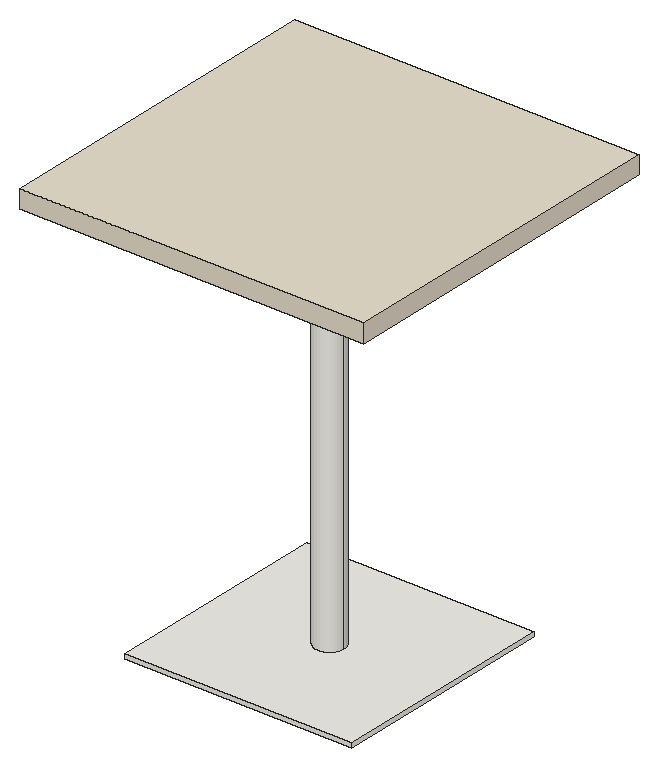
Revit family "FU_Table_Sandler_598T-MT", category Furniture, Revit 2020
Family settings
  OmniClass Number = 23.40.20.00
  OmniClass Title = General Furniture and Specialties
  Work Plane-Based = No
  Always vertical = Yes
  Cut with Voids When Loaded = No
  Shared = No
  Room Calculation Point = No
Parameters (values of type "598T MT - 24" Square Top (60cm)")
  Width = 397 mm
  URL = "https://www.sandlerseating.com/product/598t-mt/"
  Top Type = FU_TableTops_MT Sqr : 24" Square (60cm)
  Top Elevation = Height  # 720 mm
  Top Finish [instance] = Wood - Beech - Grey Stained
  Model = "598T MT"
  Manufacturer = "Sandler"
  Height = 720 mm
  Frame Finish [instance] = Metal - Paint -AL VR - Pure White
  Description = "Table base. Available in powdercoat painted finishes.\r\nOptional upcharge for outdoor version with galvanized-treated frame and adjustable feet."
  Depth = Width  # 397 mm
  Default Elevation = 0 mm
Types (5, lengths in mm): name | Top Type | Top Finish | Frame Finish
  (no name) | FU_TableTops_MT Sqr : 24" Square (60cm) | Wood - Beech - Grey Stained | Metal - Paint -AL VR - Pure White
  598T MT - 24" Square Top (60cm) | FU_TableTops_MT Sqr : 24" Square (60cm) | Wood - Beech - Grey Stained | Metal - Paint -AL VR - Pure White
  598T MT - 24" Round Top (60cm) | FU_TableTops_MT Rnd : 24" Round (60cm) | Wood - Beech - Chestnut Stained | Metal - Paint -AL VR - Pewter
  598T MT - 28" Square Top (70cm) | FU_TableTops_MT Sqr : 28" Square (70cm) | Wood - Beech - Honey Stained | Metal - Paint -AL VR - White Aluminium
  598T MT - 28" Round Top (70cm) | FU_TableTops_MT Rnd : 28" Round (70cm) | Wood - Beech - Dark Brown Stained | Metal - Paint -AL VR - Rough Metallic Bronze
Reference planes
  plane 1 "Center (Front/Back)": y = 0
  plane 2: z = 0
  plane 3 "Center (Left/Right)": x = 0
  plane 4 "Right": x = -198.5
  plane 5 "Left": x = 198.5
  plane 6 "Back": y = 198.5
  plane 7 "Front": y = -198.5
  plane 8 "Height": z = 720
  plane 9 "Top Support": z = 700
  plane 10 "Glide Height": z = 6
  plane 11 "Base height": z = 14
  plane 12 "R Pad C": x = -182.5
  plane 13 "B Pad C": y = 182.5
  plane 14 "L Pad C": x = 182.5
  plane 15 "F Pad C": y = -182.5
Forms (mm)
  Extrusion 1, solid, material "Metal - Paint -AL VR - Pure White" <- "Frame Finish"
    sketch origin (0, 0, 6) x (-1, 0, 0) y (0, -1, 0)
      loop
        line (198.5, -198.5) -> (198.5, 198.5) -> (-198.5, 198.5) -> (-198.5, -198.5) -> (198.5, -198.5)
    from 0 to 8
  Revolve 2, solid, material "Rubber, Black"
    sketch origin (0, 0, 0) x (1, 0, 0) y (0, 0, 1)
      loop
        line (-182.5, 0) -> (-182.5, 6) -> (-190.5, 6) -> (-190.5, 2)
        arc (-190.5, 2) -> (-189.914, 0.586) -> (-188.5, 0) r 2
        line (-188.5, 0) -> (-182.5, 0)
      axis (-182.5, 6) -> (-182.5, 0)
    angle from 0 to 360
  Revolve 3, solid, material "Rubber, Black"
    sketch origin (0, 0, 0) x (-1, 0, 0) y (0, 0, 1)
      loop
        line (-182.5, 0) -> (-182.5, 6) -> (-190.5, 6) -> (-190.5, 2)
        arc (-190.5, 2) -> (-189.914, 0.586) -> (-188.5, 0) r 2
        line (-188.5, 0) -> (-182.5, 0)
      axis (-182.5, 6) -> (-182.5, 0)
    angle from 0 to 360
  Revolve 4, solid, material "Rubber, Black"
    sketch origin (0, 0, 0) x (0, 1, 0) y (0, 0, 1)
      loop
        line (-182.5, 6) -> (-190.5, 6) -> (-190.5, 2)
        arc (-190.5, 2) -> (-189.914, 0.586) -> (-188.5, 0) r 2
        line (-188.5, 0) -> (-182.5, 0) -> (-182.5, 6)
      axis (-182.5, 6) -> (-182.5, 0)
    angle from 0 to 360
  Revolve 5, solid, material "Rubber, Black"
    sketch origin (0, 0, 0) x (0, -1, 0) y (0, 0, 1)
      loop
        line (-182.5, 6) -> (-190.5, 6) -> (-190.5, 2)
        arc (-190.5, 2) -> (-189.914, 0.586) -> (-188.5, 0) r 2
        line (-188.5, 0) -> (-182.5, 0) -> (-182.5, 6)
      axis (-182.5, 6) -> (-182.5, 0)
    angle from 0 to 360
  Extrusion 6, solid, material "Metal - Paint -AL VR - Pure White" <- "Frame Finish"
    sketch origin (0, 0, 6) x (-1, 0, 0) y (0, -1, 0)
      loop
        circle (0, 0) r 25
    from 0 to 694
Dimensions and locks
  equal spacing: plane 4 "Right", plane 3 "Center (Left/Right)", plane 5 "Left"
  "Width": plane 4 "Right" to plane 5 "Left"
  equal spacing: plane 6 "Back", plane 1 "Center (Front/Back)", plane 7 "Front"
  "Depth": plane 6 "Back" to plane 7 "Front"
  "Height": plane 8 "Height" to level
  locked: plane 8 "Height" to plane 9 "Top Support" at 20
  locked: plane 4 "Right" to plane 12 "R Pad C" at 16
  plane 14 "L Pad C" to plane 5 "Left" = 16 mm
  locked: plane 6 "Back" to plane 13 "B Pad C" at 16
  locked: plane 15 "F Pad C" to plane 7 "Front" at 16
  aligned and locked: level to plane 2
  aligned and locked: plane 11 "Base height" to Extrusion 1
  aligned and locked: Extrusion 1 to plane 11 "Base height"  (x3)
  aligned and locked: plane 8 "Height" to nested 1
  aligned and locked: Extrusion 6 to plane 10 "Glide Height"
  aligned and locked: plane 9 "Top Support" to Extrusion 6
  aligned and locked: Extrusion 1 sketch curve to plane 6 "Back"
  aligned and locked: Extrusion 1 sketch curve to plane 4 "Right"
  aligned and locked: plane 7 "Front" to Extrusion 1 sketch curve
  aligned and locked: plane 5 "Left" to Extrusion 1 sketch curve
Automatic sketch dimensions
  Revolve 2 sketch curve to plane 10 "Glide Height" = 0 mm
  Revolve 2 sketch curve to level = 0 mm
  plane 12 "R Pad C" to Revolve 2 sketch curve = 0 mm  (x2)
  Revolve 2 sketch curve to Revolve 2 sketch curve = 6 mm
  Revolve 2 sketch curve to Revolve 2 sketch curve = 2 mm
  Revolve 2 sketch curve to level = 10.049 mm
  Revolve 2 sketch curve to plane 11 "Base height" = 2.095 mm
  Revolve 3 sketch curve to plane 10 "Glide Height" = 0 mm
  Revolve 3 sketch curve to level = 0 mm
  Revolve 3 sketch curve to plane 14 "L Pad C" = 0 mm  (x2)
  Revolve 3 sketch curve to Revolve 3 sketch curve = 6 mm
  Revolve 3 sketch curve to Revolve 3 sketch curve = 2 mm
  level to Revolve 3 sketch curve = 10.049 mm
  plane 11 "Base height" to Revolve 3 sketch curve = 2.095 mm
  Revolve 4 sketch curve to plane 10 "Glide Height" = 0 mm
  Revolve 4 sketch curve to level = 0 mm
  Revolve 4 sketch curve to plane 15 "F Pad C" = 0 mm  (x2)
  level to Revolve 4 sketch curve = 2 mm
  plane 15 "F Pad C" to Revolve 4 sketch curve = 6 mm
  Revolve 4 sketch curve to level = 5.787 mm
  Revolve 4 sketch curve to plane 11 "Base height" = 1.201 mm
  Revolve 5 sketch curve to plane 10 "Glide Height" = 0 mm
  Revolve 5 sketch curve to level = 0 mm
  Revolve 5 sketch curve to plane 13 "B Pad C" = 0 mm  (x2)
  Revolve 5 sketch curve to level = 2 mm
  Revolve 5 sketch curve to plane 13 "B Pad C" = 6 mm
  Revolve 5 sketch curve to Revolve 5 sketch curve = 5.787 mm
  plane 11 "Base height" to Revolve 5 sketch curve = 1.201 mm
  plane 1 "Center (Front/Back)" to Extrusion 6 sketch curve = 0 mm
  Extrusion 6 sketch curve to plane 3 "Center (Left/Right)" = 0 mm
  radius of Extrusion 6 sketch curve = 25 mm
Nested families
  nested 1: "MT Top Support" at (0, 0, 0), Frame Finish <- "Frame Finish", type "MT Top Support"
    with Frame Finish Metal - Paint -AL VR - Pure White
  nested 2: "FU_TableTops_MT Sqr" at (0, 0, 0), Top Elevation <- "Top Elevation", Top Finish <- "Top Finish", type <- "Top Type", type "24" Square (60cm)"
    with Top Finish Wood - Beech - Grey Stained, Top Elevation 720 mm
Definition of nested family "MT Top Support"
  Parameters (values of type "MT Top Support")
    Frame Finish [instance] = none
    Default Elevation = 0 mm
  Reference planes
    plane 1 "Center (Front/Back)": y = 0
    plane 2: z = 0
    plane 3 "Center (Left/Right)": x = 0
    plane 4 "Right": x = -210
    plane 5 "Left": x = 210
    plane 6 "Back": y = 210
    plane 7 "Front": y = -210
    plane 8 "Height": z = 720
    plane 9: z = 700
  Forms (mm)
    Extrusion 1, solid, material <- "Frame Finish"
      sketch origin (0, 0, 700) x (-1, 0, 0) y (0, -1, 0)
        loop
          line (48, 44.024) -> (119.736, 115.76)
          arc (119.736, 115.76) -> (116.918, 118.6) -> (114.032, 121.37) r 166.741
          line (114.032, 121.37) -> (40.38, 47.718) -> (-40.38, 47.718) -> (-114.032, 121.37)
          arc (-114.032, 121.37) -> (-116.918, 118.6) -> (-119.736, 115.76) r 166.741
          line (-119.736, 115.76) -> (-48, 44.024) -> (-48, -44.024) -> (-120.014, -116.038)
          arc (-120.014, -116.038) -> (-117.202, -118.884) -> (-114.323, -121.661) r 166.741
          line (-114.323, -121.661) -> (-40.944, -48.282) -> (40.944, -48.282) -> (114.323, -121.661)
          arc (114.323, -121.661) -> (117.202, -118.884) -> (120.014, -116.038) r 166.741
          line (120.014, -116.038) -> (48, -44.024) -> (48, 44.024)
      from 0 to 15
    Extrusion 2, solid, material <- "Frame Finish"
      sketch origin (0, 0, 720) x (-1, 0, 0) y (0, -1, 0)
        loop
          arc (48, 9.198) -> (50.194, 20.46) -> (56.455, 30.074) r 30
          line (56.455, 30.074) -> (155.027, 131.809)
          arc (155.027, 131.809) -> (157.282, 137.439) -> (154.939, 143.033) r 8
          line (154.939, 143.033) -> (142.122, 155.85)
          arc (142.122, 155.85) -> (136.465, 158.193) -> (130.808, 155.85) r 8
          line (130.808, 155.85) -> (32.027, 57.069)
          arc (32.027, 57.069) -> (22.294, 50.566) -> (10.814, 48.282) r 30
          line (10.814, 48.282) -> (-10.814, 48.282)
          arc (-10.814, 48.282) -> (-22.294, 50.566) -> (-32.027, 57.069) r 30
          line (-32.027, 57.069) -> (-130.808, 155.85)
          arc (-130.808, 155.85) -> (-136.465, 158.193) -> (-142.122, 155.85) r 8
          line (-142.122, 155.85) -> (-154.939, 143.033)
          arc (-154.939, 143.033) -> (-157.282, 137.439) -> (-155.027, 131.809) r 8
          line (-155.027, 131.809) -> (-56.455, 30.074)
          arc (-56.455, 30.074) -> (-50.194, 20.46) -> (-48, 9.198) r 30
          line (-48, 9.198) -> (-48, -9.198)
          arc (-48, -9.198) -> (-50.194, -20.46) -> (-56.455, -30.074) r 30
          line (-56.455, -30.074) -> (-155.027, -131.809)
          arc (-155.027, -131.809) -> (-157.282, -137.439) -> (-154.939, -143.033) r 8
          line (-154.939, -143.033) -> (-142.122, -155.85)
          arc (-142.122, -155.85) -> (-136.465, -158.193) -> (-130.808, -155.85) r 8
          line (-130.808, -155.85) -> (-32.027, -57.069)
          arc (-32.027, -57.069) -> (-22.294, -50.566) -> (-10.814, -48.282) r 30
          line (-10.814, -48.282) -> (10.814, -48.282)
          arc (10.814, -48.282) -> (22.294, -50.566) -> (32.027, -57.069) r 30
          line (32.027, -57.069) -> (130.808, -155.85)
          arc (130.808, -155.85) -> (136.465, -158.193) -> (142.122, -155.85) r 8
          line (142.122, -155.85) -> (154.939, -143.033)
          arc (154.939, -143.033) -> (157.282, -137.439) -> (155.027, -131.809) r 8
          line (155.027, -131.809) -> (56.455, -30.074)
          arc (56.455, -30.074) -> (50.194, -20.46) -> (48, -9.198) r 30
          line (48, -9.198) -> (48, 9.198)
        loop
          line (-134.399, -141.055) -> (-124.502, -131.158)
          arc (-124.502, -131.158) -> (-124.502, -125.502) -> (-130.158, -125.502) r 3.999
          line (-130.158, -125.502) -> (-140.055, -135.399)
          arc (-140.055, -135.399) -> (-140, -141.001) -> (-134.399, -141.055) r 4
        loop
          arc (134.399, -141.055) -> (140, -141.001) -> (140.055, -135.399) r 4
          line (140.055, -135.399) -> (130.158, -125.502)
          arc (130.158, -125.502) -> (124.502, -125.502) -> (124.502, -131.158) r 3.999
          line (124.502, -131.158) -> (134.399, -141.055)
        loop
          arc (-134.399, 141.055) -> (-140, 141.001) -> (-140.055, 135.399) r 4
          line (-140.055, 135.399) -> (-130.158, 125.502)
          arc (-130.158, 125.502) -> (-124.502, 125.502) -> (-124.502, 131.158) r 3.999
          line (-124.502, 131.158) -> (-134.399, 141.055)
        loop
          line (134.399, 141.055) -> (124.502, 131.158)
          arc (124.502, 131.158) -> (124.502, 125.502) -> (130.158, 125.502) r 3.999
          line (130.158, 125.502) -> (140.055, 135.399)
          arc (140.055, 135.399) -> (140, 141.001) -> (134.399, 141.055) r 4
        loop
          circle (0, 0) r 7.5
      from -10 to 0
  Dimensions and locks
    equal spacing: plane 4 "Right", plane 3 "Center (Left/Right)", plane 5 "Left"
    plane 4 "Right" to plane 5 "Left" = 420 mm
    equal spacing: plane 6 "Back", plane 1 "Center (Front/Back)", plane 7 "Front"
    plane 6 "Back" to plane 7 "Front" = 420 mm
    plane 8 "Height" to level = 720 mm
    locked: plane 8 "Height" to plane 9 at 20
    aligned and locked: level to plane 2
  Automatic sketch dimensions
    plane 1 "Center (Front/Back)" to Extrusion 2 sketch curve = 0 mm
    Extrusion 2 sketch curve to plane 3 "Center (Left/Right)" = 0 mm
    plane 3 "Center (Left/Right)" to Extrusion 2 sketch curve = 10.814 mm  (x2)
    Extrusion 2 sketch curve to Extrusion 2 sketch curve = 21.213 mm  (x4)
    plane 1 "Center (Front/Back)" to Extrusion 2 sketch curve = 9.198 mm  (x2)
    plane 3 "Center (Left/Right)" to Extrusion 2 sketch curve = 48 mm
    Extrusion 2 sketch curve to plane 1 "Center (Front/Back)" = 30.074 mm  (x2)
    Extrusion 2 sketch curve to Extrusion 2 sketch curve = 8.455 mm  (x4)
    plane 1 "Center (Front/Back)" to Extrusion 2 sketch curve = 30.074 mm  (x2)
    Extrusion 2 sketch curve to plane 1 "Center (Front/Back)" = 9.198 mm  (x2)
    plane 5 "Left" to Extrusion 2 sketch curve = 85.498 mm  (x2)
    Extrusion 2 sketch curve to Extrusion 2 sketch curve = 2.828 mm  (x12)
    Extrusion 2 sketch curve to Extrusion 2 sketch curve = 6.306 mm  (x4)
    Extrusion 2 sketch curve to Extrusion 2 sketch curve = 9.897 mm  (x8)
    Extrusion 2 sketch curve to Extrusion 2 sketch curve = 5.657 mm  (x16)
    Extrusion 2 sketch curve to Extrusion 2 sketch curve = 2.773 mm  (x8)
    Extrusion 2 sketch curve to Extrusion 2 sketch curve = 2.883 mm  (x4)
    Extrusion 2 sketch curve to Extrusion 2 sketch curve = 9.227 mm  (x4)
    Extrusion 2 sketch curve to Extrusion 2 sketch curve = 5.745 mm  (x4)
    Extrusion 2 sketch curve to plane 3 "Center (Left/Right)" = 10.814 mm  (x2)
    Extrusion 2 sketch curve to plane 3 "Center (Left/Right)" = 48 mm
    Extrusion 2 sketch curve to plane 1 "Center (Front/Back)" = 48.282 mm
    Extrusion 2 sketch curve to Extrusion 2 sketch curve = 8.787 mm  (x4)
    Extrusion 2 sketch curve to plane 6 "Back" = 84.498 mm  (x2)
    Extrusion 2 sketch curve to Extrusion 2 sketch curve = 6.307 mm  (x4)
    Extrusion 2 sketch curve to Extrusion 2 sketch curve = 5.567 mm  (x4)
    Extrusion 2 sketch curve to Extrusion 2 sketch curve = 9.138 mm  (x4)
    plane 1 "Center (Front/Back)" to Extrusion 2 sketch curve = 48.282 mm
    plane 7 "Front" to Extrusion 2 sketch curve = 84.498 mm  (x2)
    Extrusion 1 sketch curve to Extrusion 1 sketch curve = 0 mm  (x12)
    Extrusion 1 sketch curve to plane 3 "Center (Left/Right)" = 0 mm
    plane 3 "Center (Left/Right)" to Extrusion 1 sketch curve = 40.38 mm
    plane 3 "Center (Left/Right)" to Extrusion 1 sketch curve = 40.944 mm
    Extrusion 1 sketch curve to Extrusion 1 sketch curve = 7.056 mm  (x2)
    plane 5 "Left" to Extrusion 1 sketch curve = 95.968 mm
    plane 5 "Left" to Extrusion 1 sketch curve = 95.677 mm
    Extrusion 1 sketch curve to Extrusion 1 sketch curve = 5.704 mm  (x2)
    Extrusion 1 sketch curve to Extrusion 1 sketch curve = 5.691 mm  (x2)
    Extrusion 1 sketch curve to plane 3 "Center (Left/Right)" = 40.38 mm
    Extrusion 1 sketch curve to plane 3 "Center (Left/Right)" = 40.944 mm
    Extrusion 1 sketch curve to plane 6 "Back" = 88.339 mm  (x2)
    Extrusion 1 sketch curve to Extrusion 1 sketch curve = 5.623 mm
    Extrusion 1 sketch curve to plane 1 "Center (Front/Back)" = 48.282 mm
    Extrusion 1 sketch curve to Extrusion 1 sketch curve = 4.258 mm  (x2)
    plane 1 "Center (Front/Back)" to Extrusion 1 sketch curve = 44.024 mm  (x2)
    Extrusion 1 sketch curve to Extrusion 1 sketch curve = 3.693 mm
    plane 7 "Front" to Extrusion 1 sketch curve = 94.24 mm  (x2)
    Extrusion 1 sketch curve to plane 4 "Right" = 95.968 mm
    Extrusion 1 sketch curve to plane 4 "Right" = 95.677 mm
    Extrusion 2 sketch curve to plane 4 "Right" = 85.498 mm  (x2)
    radius of Extrusion 2 sketch curve = 7.5 mm
Definition of nested family "FU_TableTops_MT Sqr"
  Parameters (values of type "24" Square (60cm)")
    Width = 600 mm
    Top Finish [instance] = none
    Top Elevation [instance] = 1100 mm
    Depth = 600 mm
    Default Elevation = 0 mm
  Types (9, lengths in mm): name | Width | Depth
    28x48" Top (70x120cm) | 1200 | 700
    28x52" Top (70x130cm) | 1300 | 700
    32x48" Top (80x120cm) | 1200 | 800
    32x52" Top (80x130cm) | 1300 | 800
    28x55" Top (70x140cm) | 1400 | 700
    32x55" Top (80x140cm) | 1400 | 800
    24" Square (60cm) | 600 | 600
    28" Square (70cm) | 700 | 700
    32" Square (80cm) | 800 | 800
  Reference planes
    plane 1 "Center (Front/Back)": y = 0
    plane 2: z = 0
    plane 3 "Center (Left/Right)": x = 0
    plane 4 "Right": x = -300
    plane 5 "Left": x = 300
    plane 6 "Back": y = 300
    plane 7 "Front": y = -300
    plane 8 "Elevation": z = 1100
    plane 9 "Top Height": z = 1131.75
  Forms (mm)
    Extrusion 1, solid, material <- "Top Finish"
      sketch origin (0, 0, 1100) x (-1, 0, 0) y (0, -1, 0)
        loop
          line (300, -300) -> (300, 300) -> (-300, 300) -> (-300, -300) -> (300, -300)
      from 0 to 31.75
  Dimensions and locks
    equal spacing: plane 4 "Right", plane 3 "Center (Left/Right)", plane 5 "Left"
    "Width": plane 4 "Right" to plane 5 "Left"
    equal spacing: plane 6 "Back", plane 1 "Center (Front/Back)", plane 7 "Front"
    "Depth": plane 6 "Back" to plane 7 "Front"
    "Top Elevation": plane 8 "Elevation" to level
    locked: plane 9 "Top Height" to plane 8 "Elevation" at 31.75
    aligned and locked: level to plane 2
    aligned and locked: Extrusion 1 sketch curve to plane 6 "Back"
    aligned and locked: Extrusion 1 sketch curve to plane 4 "Right"
    aligned and locked: plane 7 "Front" to Extrusion 1 sketch curve
    aligned and locked: plane 5 "Left" to Extrusion 1 sketch curve
    aligned and locked: Extrusion 1 to plane 8 "Elevation"
    aligned and locked: plane 8 "Elevation" to Extrusion 1  (x2)
    aligned and locked: plane 9 "Top Height" to Extrusion 1
    aligned and locked: Extrusion 1 to plane 9 "Top Height"
